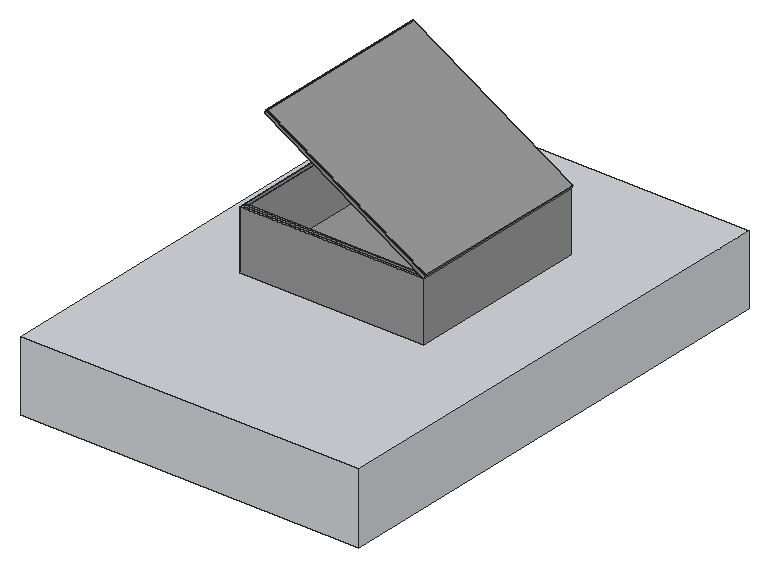
Revit family "Hager-Univers-IP55-D275-H800-Cl.I-Steel_encl-PL-pl", category Equipement électrique, Revit 2020
Family settings
  Hôte = Face
  Configuration du panneau = Deux colonnes, circuits au sein
  Cote de connecteur circulaire = Utiliser le diamètre
  Type d'élément = Tableau de raccordement
  Couper avec des vides une fois chargée = Non
  Partagée = Non
  Point de calcul de pièce = Non
Parameters (values of type "Montaż natynkowy IP55 S800 W800 G275  - FR53E")
  Width Control [instance] = if([EF000008 - Szerokość] > Min Width, [EF000008 - Szerokość], Min Width)  # 800 mm
  Commentaires du type = [HG000003 - Zakres]  # "Univers"
  Thickness Door [instance] = if([EF009171 - Drzwi/pokrywa z materiału o wysokiej wytrzymałości mechanicznej] > 3 mm, 3 mm, [EF009171 - Drzwi/pokrywa z materiału o wysokiej wytrzymałości mechanicznej])  # 1.5 mm
  Seal Frame Offset [instance] = 17 mm  # constant formula
  Plinth Visibility [instance] = [HG000027 - Wysokość cokołu] > 0 mm  # no
  Model = ""
  Min Width [instance] = 100 mm  # constant formula
  Min Height [instance] = 100 mm  # constant formula
  Min Depth [instance] = (2 * [EF009170 - Obudowa z materiału o wysokiej wytrzymałości mechanicznej]) + 1 mm  # 4 mm
  Internal Frame Depth [instance] = (Door System Depth * 0.5)  # 9 mm
  Height Control [instance] = if([EF000040 - Wysokość] > Min Height, [EF000040 - Wysokość], Min Height)  # 800 mm
  HG000027 - Wysokość cokołu = 0 mm
  HG000026 - Stojąca = no
  HG000024 - Wysokość części dolnej = 800 mm
  HG000023 - Obudowa dwusekcyjna = no
  HG000016 - Widoczność drzwi w widoku 3D [instance] = yes
  HG000015 - Przestrzeń robocza - otwarcie drzwi [instance] = no
  HG000014 - Drzwi prawe [instance] = yes
  HG000013 - Drzwi lewe [instance] = not([HG000014 - Drzwi prawe])  # no
  HG000012 - Kąt otwarcia drzwi [instance] = 30.00°
  HG000010 - Drzwi asymetryczne = no
  HG000009 - Drzwi dwuskrzydłowe = no
  HG000006 - Montaż podtynkowy = no
  HG000004 - Referencja producenta = "FR53E"
  HG000003 - Zakres = "Univers"
  HG000002 - Z drzwiami lub pokrywą = yes
  Frame Offset Bottom [instance] = 10 mm  # constant formula
  Frame Offset [instance] = 15 mm  # constant formula
  EF015940 - Pokrywa z wyzwalaczem nadciśnieniowym = no
  EF011959 - Stopień ochrony (NEMA) = ""
  EF009554 - Liczba otworów pod flansze = 6
  Fabricant = "Hager"  # constant formula
  EF009212 - Wykonanie pokrywy = "EV000116 - Zamknięty"
  EF009171 - Drzwi/pokrywa z materiału o wysokiej wytrzymałości mechanicznej = 1.5 mm
  EF009170 - Obudowa z materiału o wysokiej wytrzymałości mechanicznej = 1.5 mm
  EF008873 - Prąd znamionowy (In) = 800 A
  EF007800 - Do ochrony odgromowej = no
  EF006306 - Z zamkiem = no
  EF006244 - Transparentna pokrywa/drzwi = no
  EF005474 - Stopień ochrony (IP) = "EV006420 - IP55"
  EF004464 - Rodzaj drzwi = "EV002646 - Pojedynczy"
  EF004427 - Liczba modułów = 180
  EF004293 - Odporność udarowa = "EV008784 - IK10"
  EF003532 - Do zastosowań zewnętrznych = no
  EF002950 - Szerokość wyrażona liczbą modułów = 24
  EF001613 - Podtrzymanie funkcji = "EV000494 - Brak"
  EF001596 - Materiał obudowy = "EV000179 - Stal"
  EF001131 - Głębokość wewnętrzna = 275 mm
  EF001088 - Możliwość rozbudowy = yes
  EF000437 - Liczba wejść kablowych = 6
  EF000339 - Rodzaj pokrywy = "EV004216 - Drzwi"
  EF000266 - Liczba rzędów = 5
  EF000218 - Głębokość wbudowania = 0 mm
  EF000118 - Z płytą montażową = no
  EF000116 - Numer RAL = "7035"
  EF000049 - Głębokość = 275 mm
  EF000040 - Wysokość = 800 mm
  EF000008 - Szerokość = 800 mm
  EF000007 - Kolor = "EV000270 - Szary"
  EF000003 - Sposób montażu = "EV000384 - Montaż natynkowy"
  Door System Leaf Tolerance [instance] = 1.5 mm  # constant formula
  Door System Depth [instance] = 18 mm  # constant formula
  Door Height [instance] = Height Control - [HG000027 - Wysokość cokołu]  # 800 mm
  Depth Control [instance] = if([EF000049 - Głębokość] > Min Depth, [EF000049 - Głębokość], Min Depth)  # 275 mm
  Default Elevation = 0 mm
  Connector Offset [instance] = Height Control / 2  # 400 mm
  Bottom Top Plate Trim [instance] = 1.5 mm  # constant formula
  Plinth height Ctrl [instance] = if([HG000027 - Wysokość cokołu] > 0 mm, [HG000027 - Wysokość cokołu], 12 mm)  # 12 mm
Types (5, lengths in mm): name | Width Control | HG000010 - Drzwi asymetryczne | HG000009 - Drzwi dwuskrzydłowe | HG000004 - Referencja producenta | EF009554 - Liczba otworów pod flansze | EF004464 - Rodzaj drzwi | EF004427 - Liczba modułów | EF000437 - Liczba wejść kablowych | EF000008 - Szerokość
  Montaż natynkowy IP55 S1050 W800 G275  - FR54E | 1050 | no | yes | "FR54E" | 8 | "EV003602 - Podwójny" | 240 | 8 | 1050
  Montaż natynkowy IP55 S1300 W800 G275  - FR55E | 1300 | yes | yes | "FR55E" | 10 | "EV003602 - Podwójny" | 300 | 10 | 1300
  Montaż natynkowy IP55 S300 W800 G275  - FR51E | 300 | no | no | "FR51E" | 2 | "EV002646 - Pojedynczy" | 60 | 2 | 300
  Montaż natynkowy IP55 S550 W800 G275  - FR52E | 550 | no | no | "FR52E" | 4 | "EV002646 - Pojedynczy" | 120 | 4 | 550
  Montaż natynkowy IP55 S800 W800 G275  - FR53E | 800 | no | no | "FR53E" | 6 | "EV002646 - Pojedynczy" | 180 | 6 | 800
Reference planes
  plane 1 "Center (Front/Back)": y = 0
  plane 2: z = 0
  plane 3 "Center (Left/Right)": x = 0
  plane 4: z = 275
  plane 5: y = 1.5
  plane 6: y = 400
  plane 7: y = 0
  plane 8: y = 800
  plane 9: z = 0
  plane 10: x = -385
  plane 11: x = 385
  plane 12: x = 383.5
  plane 13: x = -383.5
  plane 14: y = 798.5
  plane 15: x = -383
  plane 16: x = -400
  plane 17: x = 383
  plane 18: x = 400
  plane 19: x = 398.5
  plane 20: x = -398.5
  plane 21: y = 11.5
  plane 22: y = 800
  plane 23: y = 783.5
  plane 24: z = 257
  plane 25: z = 1.5
  plane 26: z = 255.5
  plane 27: z = 273.5
Forms (mm)
  Extrusion 1, solid
    sketch origin (0, 0, 0) x (1, 0, 0) y (0, 1, 0)
      loop
        line (-702.964, 1305) -> (-702.964, -811.445) -> (766.763, -811.445) -> (766.763, 1305) -> (-702.964, 1305)
    from 0 to -304.8
  Extrusion 2, solid, material "Hager_Steel_RAL7035_Light_Grey", visible <- "Plinth Visibility", detail levels medium+fine
    sketch origin (0, 0, 0) x (1, 0, 0) y (0, 1, 0)
      loop
        line (-400, 0) -> (400, 0) -> (400, 12) -> (-400, 12) -> (-400, 0)
    from 0 to 257
  Extrusion 3, solid, material "Hager_Steel_RAL7035_Light_Grey", detail levels medium+fine
    sketch origin (0, 0, 0) x (1, 0, 0) y (0, 1, 0)
      loop
        line (-400, 0) -> (400, 0) -> (400, 800) -> (-400, 800) -> (-400, 0)
    from 0 to 257
  Extrusion 4, void
    sketch origin (0, 0, 0) x (1, 0, 0) y (0, 1, 0)
      loop
        line (-398.5, 1.5) -> (398.5, 1.5) -> (398.5, 798.5) -> (-398.5, 798.5) -> (-398.5, 1.5)
    from 1.5 to 255.5
  Extrusion 5, void
    sketch origin (-381.607, -4572, 257) x (0, -1, 0) y (-1, 0, 0)
      loop
        line (-4583.5, 1.893) -> (-5355.5, 1.893) -> (-5355.5, -765.107) -> (-4583.5, -765.107) -> (-4583.5, 1.893)
    from 0 to 1.5 <- "EF009170 - Obudowa z materiału o wysokiej wytrzymałości mechanicznej"
  Extrusion 6, solid, material "Hager_Steel_RAL7035_Light_Grey", detail levels fine
    sketch origin (0, 0, 257) x (1, 0, 0) y (0, 1, 0)
      loop
        line (-383.5, 783.5) -> (-383.5, 11.5) -> (383.5, 11.5) -> (383.5, 783.5) -> (-383.5, 783.5)
      loop
        line (-385, 10) -> (385, 10) -> (385, 785) -> (-385, 785) -> (-385, 10)
    from 0 to 9 <- "Internal Frame Depth"
  Extrusion 7, solid, material "Hager_Steel_RAL7035_Light_Grey", detail levels coarse
    sketch origin (0, 0, 0) x (1, 0, 0) y (0, 1, 0)
      loop
        line (-400, 0) -> (400, 0) -> (400, 800) -> (-400, 800) -> (-400, 0)
    from 0 to 275
  Sweep 8, void
    path in 3D
      loop
        line (-400, 12, 0) -> (400, 12, 0) -> (400, 12, 257) -> (-400, 12, 257) -> (-400, 12, 0)
    profile origin (-400, 12, 128.5) x (-1, 0, 0) y (0, -1, 0)
      loop
        line (0, 0) -> (0, 1.5) -> (-1.5, 1.5)
        arc (-1.5, 1.5) -> (-1.061, 0.439) -> (0, 0) r 1.5
Cuts and joins
  Extrusion 4, Extrusion 5 cuts Extrusion 3
  Sweep 8 cuts Extrusion 2
Lines and regions (mm)
  Masking region 1
    outline origin (0, 0, 0) x (1, 0, 0) y (0, 0, 1)
      loop
        line (-400, 275) -> (-400, 0) -> (400, 0) -> (400, 275) -> (-400, 275)
  Masking region 2, detail levels medium+fine
    outline origin (0, 140, 0) x (0, 1, 0) y (0, 0, 1)
      loop
        line (-140, 0) -> (660, 0) -> (660, 257) -> (-140, 257) -> (-140, 0)
  Masking region 3, not visible, detail levels medium+fine
    outline origin (0, 297.922, 0) x (0, 1, 0) y (0, 0, 1)
      loop
        line (113.578, 0) -> (153.578, 0) -> (153.578, 263.5)
        arc (153.578, 263.5) -> (150.649, 270.571) -> (143.578, 273.5) r 10
        line (143.578, 273.5) -> (113.578, 273.5) -> (113.578, 0)
  Masking region 4, detail levels coarse
    outline origin (0, 0, 180) x (0, 1, 0) y (0, 0, 1)
      loop
        line (0, -180) -> (800, -180) -> (800, 95) -> (0, 95) -> (0, -180)
  Masking region 5, visible <- "Plinth Visibility", detail levels medium+fine
    outline origin (0, 52.24, 12.345) x (0, 0, -1) y (0, 1, 0)
      loop
        line (10.845, -40.24) -> (-243.155, -40.24)
        arc (-243.155, -40.24) -> (-243.594, -41.301) -> (-244.655, -41.74) r 1.5
        line (-244.655, -41.74) -> (-244.655, -52.24) -> (12.345, -52.24) -> (12.345, -41.74)
        arc (12.345, -41.74) -> (11.285, -41.301) -> (10.845, -40.24) r 1.5
  Masking region 6, detail levels medium+fine
    outline origin (-381.607, -4572, 257) x (-1, 0, 0) y (0, -1, 0)
      loop
        line (18.393, -5372) -> (18.393, -4572) -> (-781.607, -4572) -> (-781.607, -5372) -> (18.393, -5372)
  Masking region 7, visible <- "Plinth Visibility", detail levels medium+fine
    outline origin (-381.607, -4727, 257) x (-1, 0, 0) y (0, -1, 0)
      loop
        arc (16.893, -4739) -> (17.332, -4737.939) -> (18.393, -4737.5) r 1.5
        line (18.393, -4737.5) -> (18.393, -4727) -> (-781.607, -4727) -> (-781.607, -4737.5)
        arc (-781.607, -4737.5) -> (-780.546, -4737.939) -> (-780.107, -4739) r 1.5
        line (-780.107, -4739) -> (16.893, -4739)
  Masking region 8, detail levels coarse
    outline origin (-442.548, -4669.526, 257) x (-1, 0, 0) y (0, -1, 0)
      loop
        line (-42.548, -5469.526) -> (-42.548, -4669.526) -> (-842.548, -4669.526) -> (-842.548, -5469.526) -> (-42.548, -5469.526)
  sketch lines
    curve 1: line (-400, 12, 257) -> (-400, 12, 0)
    curve 2: line (400, 12, 257) -> (-400, 12, 257)
    curve 3: line (400, 12, 257) -> (400, 12, 0)
    curve 4: line (-400, 12, 0) -> (400, 12, 0)
Dimensions and locks
  "Depth Control": plane 4 to Extrusion 1
  "HG000027 - Wysokość cokołu": plane 1 "Center (Front/Back)" to plane 7
  "EF009170 - Obudowa z materiału o wysokiej wytrzymałości mechanicznej": plane 5 to plane 7
  locked: connector elem to plane 3 "Center (Left/Right)"
  equal spacing: plane 8, plane 6, plane 7
  locked: connector elem to plane 6
  "EF009170 - Obudowa z materiału o wysokiej wytrzymałości mechanicznej": plane 8 to plane 14
  "EF009170 - Obudowa z materiału o wysokiej wytrzymałości mechanicznej": plane 10 to plane 13
  "EF009170 - Obudowa z materiału o wysokiej wytrzymałości mechanicznej": plane 12 to plane 11
  "Frame Offset": plane 20 to plane 13
  "Frame Offset": plane 12 to plane 19
  "EF009170 - Obudowa z materiału o wysokiej wytrzymałości mechanicznej": plane 16 to plane 20
  "EF009170 - Obudowa z materiału o wysokiej wytrzymałości mechanicznej": plane 19 to plane 18
  "Seal Frame Offset": plane 16 to plane 15
  "Seal Frame Offset": plane 17 to plane 18
  "Frame Offset Bottom": plane 21 to plane 5
  "Frame Offset": plane 14 to plane 23
  equal spacing: plane 16, plane 3 "Center (Left/Right)", plane 18
  "Width Control": plane 16 to plane 18
  "EF009170 - Obudowa z materiału o wysokiej wytrzymałości mechanicznej": plane 4 to plane 27
  "EF009170 - Obudowa z materiału o wysokiej wytrzymałości mechanicznej": plane 24 to plane 26
  "EF009170 - Obudowa z materiału o wysokiej wytrzymałości mechanicznej": plane 25 to level
  "Door System Depth": plane 4 to plane 24
  "Height Control": plane 1 "Center (Front/Back)" to Extrusion 7 sketch curve
  "Height Control": Masking region 4 sketch curve to plane 1 "Center (Front/Back)"
  "Height Control": plane 1 "Center (Front/Back)" to plane 22
  "Bottom Top Plate Trim": profile plane to Sweep 8 sketch curve
  "Bottom Top Plate Trim": Sweep 8 sketch curve to profile plane
  "Plinth height Ctrl": plane 1 "Center (Front/Back)" to Extrusion 2 sketch curve
  "Plinth height Ctrl": Masking region 5 sketch curve to plane 1 "Center (Front/Back)"
  "Plinth height Ctrl": plane 1 "Center (Front/Back)" to Masking region 7 sketch curve
  "Thickness Door": Extrusion 6 sketch curve to Extrusion 6 sketch curve  (x3)
  "Thickness Door": cut or joined group of Extrusion 3, Extrusion 4, Extrusion 5 to Extrusion 6 sketch curve
  radius of Masking region 3 sketch curve = 10 mm
  "Bottom Top Plate Trim": radius of Masking region 5 sketch curve  (x2)
  "Bottom Top Plate Trim": radius of Sweep 8 sketch curve
  "Bottom Top Plate Trim": radius of Masking region 7 sketch curve  (x2)
  aligned and locked: plane 2 to Extrusion 1
  aligned and locked: level to Extrusion 1
  aligned and locked: level to Masking region 1 sketch curve
  aligned and locked: Masking region 1 sketch curve to plane 18
  aligned and locked: Masking region 1 sketch curve to plane 16
  aligned and locked: plane 7 to Masking region 2 sketch curve
  aligned and locked: level to Masking region 3 sketch curve
  aligned and locked: Masking region 3 sketch curve to plane 27
  aligned and locked: level to Masking region 2 sketch curve
  aligned and locked: plane 1 "Center (Front/Back)" to Extrusion 2 sketch curve
  aligned and locked: Extrusion 3 sketch curve to plane 7
  aligned and locked: plane 16 to Extrusion 3 sketch curve
  aligned and locked: plane 18 to Extrusion 3 sketch curve
  aligned and locked: plane 20 to Extrusion 4 sketch curve
  aligned and locked: plane 19 to Extrusion 4 sketch curve
  aligned and locked: Extrusion 4 sketch curve to plane 5
  aligned and locked: Extrusion 4 to plane 25
  aligned and locked: plane 26 to Extrusion 4
  aligned and locked: plane 24 to Extrusion 3
  aligned and locked: Extrusion 5 sketch curve to plane 21
  aligned and locked: Extrusion 5 sketch curve to plane 13
  aligned and locked: Extrusion 5 sketch curve to plane 12
  aligned and locked: plane 18 to Extrusion 7 sketch curve
  aligned and locked: plane 1 "Center (Front/Back)" to Extrusion 7 sketch curve
  aligned and locked: plane 16 to Extrusion 7 sketch curve
  aligned and locked: plane 4 to Extrusion 7
  aligned and locked: Extrusion 7 to level
  aligned and locked: level to Masking region 4 sketch curve
  aligned and locked: Masking region 4 sketch curve to plane 1 "Center (Front/Back)"
  aligned and locked: Masking region 4 sketch curve to plane 4
  aligned and locked: nested 1 to level
  aligned and locked: nested 1 to plane 16
  aligned and locked: plane 8 to Extrusion 3 sketch curve
  aligned and locked: plane 23 to Extrusion 5 sketch curve
  aligned and locked: plane 14 to Extrusion 4 sketch curve
  aligned and locked: Masking region 2 sketch curve to plane 8
  aligned and locked: level to Masking region 5 sketch curve
  aligned and locked: plane 16 to Extrusion 2 sketch curve
  aligned and locked: plane 18 to Extrusion 2 sketch curve
  aligned and locked: Masking region 5 sketch curve to plane 24
  aligned and locked: Masking region 2 sketch curve to plane 24
  aligned and locked: plane 24 to Extrusion 2
  aligned and locked: profile plane to Sweep 8 sketch curve  (x2)
  aligned and locked: Masking region 6 sketch curve to plane 18
  aligned and locked: Masking region 6 sketch curve to plane 22
  aligned and locked: Masking region 6 sketch curve to plane 16
  aligned and locked: plane 8 to plane 22
  aligned and locked: Masking region 6 sketch curve to plane 7
  aligned and locked: Masking region 7 sketch curve to plane 16
  aligned and locked: Masking region 7 sketch curve to plane 1 "Center (Front/Back)"
  aligned and locked: Masking region 7 sketch curve to plane 18
  aligned and locked: Masking region 8 sketch curve to plane 1 "Center (Front/Back)"
  aligned and locked: Masking region 8 sketch curve to plane 18
  aligned and locked: Masking region 8 sketch curve to plane 22
  aligned and locked: Masking region 8 sketch curve to plane 16
  aligned and locked: nested 2 to plane 7
  aligned and locked: plane 3 "Center (Left/Right)" to nested 2
  aligned and locked: nested 2 to plane 24
  aligned and locked: Extrusion 6 sketch curve to cut or joined group of Extrusion 3, Extrusion 4, Extrusion 5  (x4)
Automatic sketch dimensions
  Extrusion 1 sketch curve to Extrusion 1 sketch curve = 1469.727 mm
  Extrusion 1 sketch curve to Extrusion 1 sketch curve = 2116.445 mm
  Masking region 1 sketch curve to plane 4 = 0 mm
  plane 6 to Masking region 3 sketch curve = 11.5 mm
  Masking region 3 sketch curve to Masking region 3 sketch curve = 30 mm
  Masking region 5 sketch curve to plane 1 "Center (Front/Back)" = 0 mm
Nested families
  nested 1: "Hager_Enclosure_Symbol" at (-400, 0, 0) x (1, 0, 0) z (0, -1, 0), Height <- "Depth Control", Width <- "Width Control", type "Hager_Enclosure_Symbol"
    with Width_Ctrl 800 mm, Width 800 mm, Height_Ctrl 275 mm, Height 275 mm, A_Width_Int 18.047 mm, A_Width 216.562 mm, A_Height_Ctrl 240.625 mm, A_Height 240.625 mm
  nested 2: "EC000058_Univers_Door" at (0, 0, 257) x (1, 0, 0) z (0, 1, 0), Leaf_Tolerance <- "Door System Leaf Tolerance", Angle <- "HG000012 - Kąt otwarcia drzwi", Door_Depth <- "Door System Depth", Door_Left <- "HG000013 - Drzwi lewe", Transparent <- "EF006244 - Transparentna pokrywa/drzwi", Assymetrical <- "HG000010 - Drzwi asymetryczne", Width <- "Width Control", Clearance <- "HG000015 - Przestrzeń robocza - otwarcie drzwi", Double <- "HG000009 - Drzwi dwuskrzydłowe", 3d_Door <- "HG000016 - Widoczność drzwi w widoku 3D", Lock_Visibility <- "EF006306 - Z zamkiem", Width_Ctrl <- "Width Control", Door_Right <- "HG000014 - Drzwi prawe", Door <- "HG000002 - Z drzwiami lub pokrywą", Height <- "Door Height", Thickness <- "Thickness Door", type "EC000058_Univers_Door", detail levels medium+fine
    with min_wh 4 mm, Width_Ctrl 800 mm, Width 800 mm, Transparent no, Thickness 1.5 mm, Seal_Material Hager_Rubber, Lock_Visibility no, Lock_Material Hager_Plastic_RAL9005_Jet_Black, Leaf_Width 800 mm, Leaf_Tolerance_External_Sides 0 mm, Leaf_Tolerance 1.5 mm, Leaf_Offset 0 mm, Leaf_Height 797 mm, Leaf_2_Width 800 mm, Leaf_2_Offset 400 mm, Leaf_1_Width 800 mm, Leaf_1_Offset 400 mm, Height_Ctrl 800 mm, Height 800 mm, Glass_Material Hager_Glass, Double_Clearance_Ctrl no, Double no, Door_Right_Ctrl yes, Door_Right yes, Door_Material Hager_Steel_RAL7035_Light_Grey, Door_Left_Ctrl no, Door_Left no, Door_Depth 18 mm, Door yes, Clearance_Material Hager_Clearance, Clearance_Depth 800 mm, Clearance_Ctrl no, Clearance no, Assymetrical no, Angle 30.00°, 3d_Door yes
Connectors
  electrical at (0, 400, 0)
    settings: on plane 9, index 1, voltage 0 V, apparent load 0 VA, apparent load phase1 0 VA, apparent load phase2 0 VA, apparent load phase3 0 VA, power factor 1, load classification "Other", number of poles 1, system type 30, power factor state 1, is connector primary yes, connector utility no, sub classification motor no, connector description ""
Definition of nested family "EC000058_Univers_Door"
  Parameters (values of type "EC000058_Univers_Door")
    min_wh [instance] = (2 * Thickness) + 1 mm  # 11 mm
    Width_Ctrl [instance] = 400 mm
    Width [instance] = 500 mm
    Transparent [instance] = yes
    Thickness [instance] = 5 mm
    Seal_Material [instance] = none
    Lock_Visibility [instance] = yes
    Lock_Material [instance] = none
    Leaf_Width [instance] = if((Width_Ctrl - 2 * Leaf_Tolerance_External_Sides) > 0 mm, (Width_Ctrl - 2 * Leaf_Tolerance_External_Sides), min_wh)  # 400 mm
    Leaf_Tolerance_External_Sides [instance] = 0 mm  # constant formula
    Leaf_Tolerance [instance] = 1.5 mm
    Leaf_Offset [instance] = 0 mm  # constant formula
    Leaf_Height [instance] = if((Height_Ctrl - 2 * Leaf_Tolerance) > 0 mm, (Height_Ctrl - 2 * Leaf_Tolerance), min_wh)  # 497 mm
    Leaf_2_Width [instance] = if(and(and(Double, Assymetrical), Door_Left), (Leaf_Width / 3) - (Leaf_Tolerance / 2), if(and(and(Double, Assymetrical), Door_Right), (Leaf_Width / 3) * 2 - (Leaf_Tolerance / 2), if(and(Double, not(Assymetrical)), (Leaf_Width / 2) - Leaf_Tolerance, Leaf_Width)))  # 400 mm
    Leaf_2_Offset [instance] = if(and(Double, Assymetrical), Leaf_2_Width / 2, if(and(Double, not(Assymetrical)), Leaf_Width / 4, Leaf_Width / 2))  # 200 mm
    Leaf_1_Width [instance] = if(and(and(Double, Assymetrical), Door_Right), (Leaf_Width / 3) - (Leaf_Tolerance / 2), if(and(and(Double, Assymetrical), Door_Left), (Width / 3) * 2 - (Leaf_Tolerance / 2), if(and(Double, not(Assymetrical)), (Leaf_Width / 2) - Leaf_Tolerance, Leaf_Width)))  # 400 mm
    Leaf_1_Offset [instance] = if(and(Double, Assymetrical), Leaf_1_Width / 2, if(and(Double, not(Assymetrical)), Leaf_Width / 4, Leaf_Width / 2))  # 200 mm
    Height_Ctrl [instance] = if(Height > min_wh, Height, min_wh)  # 500 mm
    Height [instance] = 500 mm
    Glass_Material [instance] = none
    Double_Clearance_Ctrl [instance] = and(Double, Clearance)  # no
    Double [instance] = no
    Door_Right_Ctrl [instance] = and(or(Door_Right, Double), Door)  # yes
    Door_Right [instance] = yes
    Door_Material [instance] = none
    Door_Left_Ctrl [instance] = and(or(Door_Left, Double), Door)  # no
    Door_Left [instance] = no
    Door_Depth [instance] = 30 mm
    Door [instance] = yes
    Default Elevation = 1219.2 mm
    Clearance_Material [instance] = none
    Clearance_Depth [instance] = if(Leaf_1_Width > Leaf_2_Width, Leaf_1_Width, Leaf_2_Width)  # 400 mm
    Clearance_Ctrl [instance] = and(not(Double), Clearance)  # yes
    Clearance [instance] = yes
    Assymetrical [instance] = yes
    Angle [instance] = 30.00°
    3d_Door [instance] = yes
  Reference planes
    plane 1 "Center (Front/Back)": y = 0
    plane 2 "Bottom": z = 0
    plane 3 "Center (Left/Right)": x = 0
    plane 4: z = 500
    plane 5: x = -200
    plane 6: x = 200
    plane 7: z = 500
    plane 8: x = -200
    plane 9: z = 0
    plane 10: x = 200
    plane 11: y = 0
    plane 12: z = 1.5
    plane 13: x = -600
    plane 14: y = -400
    plane 15: x = 600
    plane 16: x = 0
    plane 17: x = 0
    plane 18: x = -200
    plane 19: x = 200
    plane 20: z = 498.5
  Forms (mm)
    Extrusion 1, solid, material <- "Clearance_Material", visible <- "Double_Clearance_Ctrl"
      sketch origin (1200, 0, 0) x (1, 0, 0) y (0, 0, -1)
        loop
          line (-1800, -498.5) -> (-600, -498.5) -> (-600, 0) -> (-1800, 0) -> (-1800, -498.5)
      from 0 to -400
  Dimensions and locks
    equal spacing: plane 5, plane 3 "Center (Left/Right)", plane 6
    "Width_Ctrl": plane 5 to plane 6
    "Leaf_Offset": plane 5 to plane 8
    "Leaf_Offset": plane 6 to plane 10
    "Leaf_Offset": plane 9 to level
    "Leaf_Offset": plane 4 to plane 7
    "Height_Ctrl": plane 4 to level
    "Leaf_Tolerance": plane 12 to plane 9
    locked: plane 11 to plane 1 "Center (Front/Back)"
    "Leaf_1_Offset": plane 18 to plane 16
    "Leaf_2_Offset": plane 17 to plane 19
    "Leaf_1_Width": plane 13 to plane 8
    "Leaf_2_Width": plane 10 to plane 15
    "Clearance_Depth": plane 14 to plane 1 "Center (Front/Back)"
    "Leaf_Tolerance_External_Sides": plane 8 to plane 18
    "Leaf_Tolerance_External_Sides": plane 19 to plane 10
    "Leaf_Tolerance": plane 7 to plane 20
    aligned and locked: level to plane 2 "Bottom"
    aligned and locked: nested 1 to plane 16
    aligned and locked: nested 2 to plane 17
    aligned and locked: Extrusion 1 to plane 13
    aligned and locked: plane 15 to Extrusion 1
    aligned and locked: Extrusion 1 to plane 14
    aligned and locked: plane 12 to nested 1
    aligned and locked: nested 2 to plane 12
    aligned and locked: Extrusion 1 to plane 11
    aligned and locked: plane 20 to Extrusion 1
    aligned and locked: nested 2 to plane 11
    aligned and locked: nested 1 to plane 11
  Automatic sketch dimensions
    Extrusion 1 sketch curve to level = 0 mm
    plane 5 to Extrusion 1 sketch curve = 400 mm
    plane 6 to Extrusion 1 sketch curve = 400 mm
    Extrusion 1 sketch curve to plane 4 = 1.5 mm
  Nested families
    nested 1: "EC000058_Univers_Door_Leaf" at (0, 0, 1.5), Width <- "Leaf_1_Width", visible <- "Door_Left_Ctrl", Leaf_Height <- "Leaf_Height", Angle <- "Angle", 3d_Door <- "3d_Door", Transparent <- "Transparent", Clearance Material <- "Clearance_Material", Clearance <- "Clearance_Ctrl", Door_Material <- "Door_Material", Glass_Material <- "Glass_Material", Door_Depth <- "Door_Depth", Lock_Material <- "Lock_Material", Seal_Material <- "Seal_Material", Lock_Visibility <- "Lock_Visibility", Thickness <- "Thickness", type "EC000058_Univers_Door_Leaf"
      with Width 400 mm, Transparent_Glass_Offset 30 mm, Transparent_Ctrl yes, Transparent yes, Thickness 5 mm, Standard no, Seal_Material none, Seal_D2 8 mm, Seal_D1 1 mm, Offset_Internal_Frame 10 mm, Lock_Width 20 mm, Lock_Visibility_3d yes, Lock_Visibility yes, Lock_Thickness_3 3 mm, Lock_Thickness_2 1 mm, Lock_Thickness_1 3 mm, Lock_Radius_Offset_2 16 mm, Lock_Radius_Offset_1 15 mm, Lock_Radius_2 5 mm, Lock_Radius 6 mm, Lock_Offset 5 mm, Lock_Material none, Lock_Height 80 mm, Lock_Cover_Top_Offset_2d 17 mm, Lock_Cover_Height -65 mm, Leaf_Height 497 mm, Internal_Seal_Thickness 8 mm, Internal_Seal_Depth_2 4.5 mm, Internal_Frame_Depth 25 mm, Glass_Thickness -1 mm, Glass_Offset -2 mm, Glass_Material none, Door_Material none, Door_Depth 30 mm, Clearance Material none, Clearance yes, Angle_Ctrl 30.00°, Angle 30.00°, 3d_Door yes
    nested 2: "EC000058_Univers_Door_Leaf" at (0, 0, 1.5) x (-1, 0, 0) z (0, 0, 1), Width <- "Leaf_2_Width", visible <- "Door_Right_Ctrl", Leaf_Height <- "Leaf_Height", Angle <- "Angle", 3d_Door <- "3d_Door", Transparent <- "Transparent", Clearance Material <- "Clearance_Material", Clearance <- "Clearance_Ctrl", Door_Material <- "Door_Material", Glass_Material <- "Glass_Material", Door_Depth <- "Door_Depth", Lock_Material <- "Lock_Material", Seal_Material <- "Seal_Material", Lock_Visibility <- "Lock_Visibility", Thickness <- "Thickness", type "EC000058_Univers_Door_Leaf"
      with Width 400 mm, Transparent_Glass_Offset 30 mm, Transparent_Ctrl yes, Transparent yes, Thickness 5 mm, Standard no, Seal_Material none, Seal_D2 8 mm, Seal_D1 1 mm, Offset_Internal_Frame 10 mm, Lock_Width 20 mm, Lock_Visibility_3d yes, Lock_Visibility yes, Lock_Thickness_3 3 mm, Lock_Thickness_2 1 mm, Lock_Thickness_1 3 mm, Lock_Radius_Offset_2 16 mm, Lock_Radius_Offset_1 15 mm, Lock_Radius_2 5 mm, Lock_Radius 6 mm, Lock_Offset 5 mm, Lock_Material none, Lock_Height 80 mm, Lock_Cover_Top_Offset_2d 17 mm, Lock_Cover_Height -65 mm, Leaf_Height 497 mm, Internal_Seal_Thickness 8 mm, Internal_Seal_Depth_2 4.5 mm, Internal_Frame_Depth 25 mm, Glass_Thickness -1 mm, Glass_Offset -2 mm, Glass_Material none, Door_Material none, Door_Depth 30 mm, Clearance Material none, Clearance yes, Angle_Ctrl 30.00°, Angle 30.00°, 3d_Door yes
  Definition of nested family "EC000058_Univers_Door_Leaf"
    Parameters (values of type "EC000058_Univers_Door_Leaf")
      Width [instance] = 2000 mm
      Transparent_Glass_Offset [instance] = 30 mm
      Transparent_Ctrl [instance] = and(Transparent, [3d_Door])  # yes
      Transparent [instance] = yes
      Thickness [instance] = 5 mm
      Standard [instance] = and(not(Transparent), [3d_Door])  # no
      Seal_Material [instance] = none
      Seal_D2 [instance] = 8 mm  # constant formula
      Seal_D1 [instance] = 1 mm  # constant formula
      Offset_Internal_Frame [instance] = 10 mm  # constant formula
      Lock_Width [instance] = 20 mm  # constant formula
      Lock_Visibility_3d [instance] = and(Lock_Visibility, [3d_Door])  # yes
      Lock_Visibility [instance] = yes
      Lock_Thickness_3 [instance] = 3 mm  # constant formula
      Lock_Thickness_2 [instance] = 1 mm  # constant formula
      Lock_Thickness_1 [instance] = 3 mm  # constant formula
      Lock_Radius_Offset_2 [instance] = Lock_Radius_Offset_1 + 1 mm  # 16 mm
      Lock_Radius_Offset_1 [instance] = 15 mm  # constant formula
      Lock_Radius_2 [instance] = Lock_Radius - 1 mm  # 5 mm
      Lock_Radius [instance] = 6 mm  # constant formula
      Lock_Offset [instance] = 5 mm  # constant formula
      Lock_Material [instance] = none
      Lock_Height [instance] = 80 mm  # constant formula
      Lock_Cover_Top_Offset_2d [instance] = Lock_Radius_Offset_2 + 1 mm  # 17 mm
      Lock_Cover_Height [instance] = -(Lock_Height - Lock_Radius_Offset_1)  # -65 mm
      Leaf_Height [instance] = 2720.336 mm
      Internal_Seal_Thickness [instance] = 8 mm  # constant formula
      Internal_Seal_Depth_2 [instance] = 4.5 mm  # constant formula
      Internal_Frame_Depth [instance] = if(Door_Depth - Thickness > 5 mm, Door_Depth - Thickness, 5 mm)  # 25 mm
      Glass_Thickness [instance] = if(Thickness > 15 mm, Glass_Offset + 10 mm, -1 mm)  # -1 mm
      Glass_Offset [instance] = if(Thickness > 15 mm, -(Thickness + 10 mm) / 2, -2 mm)  # -2 mm
      Glass_Material [instance] = none
      Door_Material [instance] = none
      Door_Depth [instance] = 30 mm
      Default Elevation = 0 mm
      Clearance Material [instance] = none
      Clearance [instance] = yes
      Angle_Ctrl [instance] = if(Angle > 180.00°, 180.00°, Angle)  # 90.00°
      Angle [instance] = 90.00°
      3d_Door [instance] = yes
    Reference planes
      plane 1 "Center (Front/Back)": y = 0
      plane 2: z = 0
      plane 3 "Center (Left/Right)": x = 0
      plane 4: y = 2000
      plane 5: x = -1000
      plane 6: x = 1000
      plane 7: x = -3000
      plane 8: z = 2720.336
      plane 9: z = 30
      plane 10: z = 2690.336
      plane 11: x = 970
      plane 12: x = -970
      plane 13: y = -3
      plane 14: z = 107.833
      plane 15: y = -5
      plane 16: y = -223.314
      plane 17: x = -1000
      plane 18: z = 1360.168
      plane 19: y = 30
    Forms (mm)
      Extrusion 1, solid, material <- "Clearance Material", visible <- "Clearance"
        sketch origin (0, 0, 0) x (1, 0, 0) y (0, 0, 1)
          loop
            line (-3000, 2720.336) -> (-3000, 0) -> (1000, 0) -> (1000, 2720.336) -> (-3000, 2720.336)
        from 0 to -2000
      Extrusion 2, solid, material <- "Door_Material", visible <- "Standard", detail levels medium+fine
        sketch origin (-1000, 0, 0) x (0, 1, 0) y (-1, 0, 0)
          loop
            line (0, 30) -> (0, 25) -> (2000, 25) -> (2000, 30) -> (0, 30)
        from 0 to 2720.336 <- "Leaf_Height"
      Extrusion 3, solid, material <- "Door_Material", visible <- "Transparent_Ctrl", detail levels medium+fine
        sketch origin (-1000, 0, 0) x (0, 1, 0) y (-1, 0, 0)
          loop
            line (0, 25) -> (2000, 25) -> (2000, 30) -> (0, 30) -> (0, 25)
        from 0 to 2720.336 <- "Leaf_Height"
      Extrusion 4, void
        sketch origin (-1025, 2000, 0) x (0, 1, 0) y (0, 0, -1)
          loop
            line (-30, -2690.336) -> (-30, -30) -> (-1970, -30) -> (-1970, -2690.336) -> (-30, -2690.336)
        from 0 to 5 <- "Thickness"
      Sweep 5, solid, material <- "Seal_Material", visible <- "Transparent_Ctrl", detail levels fine
        path in 3D
          loop
            line (-1025, 30, 30) -> (-1025, 30, 2690.336) -> (-1025, 1970, 2690.336) -> (-1025, 1970, 30) -> (-1025, 30, 30)
        profile origin (-1025, 1000, 30) x (1, 0, 0) y (0, 0, 1)
          loop
            line (0, 0) -> (0, -8) -> (1, -8) -> (1, 0) -> (0, 0)
      Extrusion 6, solid, material <- "Glass_Material", visible <- "Transparent_Ctrl", detail levels medium+fine
        sketch origin (-1030, 0, 0) x (0, 1, 0) y (0, 0, -1)
          loop
            line (1970, -2690.336) -> (1970, -30) -> (30, -30) -> (30, -2690.336) -> (1970, -2690.336)
        from -2 <- "Glass_Offset" to -1 <- "Glass_Thickness"
      Extrusion 7, solid, material <- "Door_Material", visible <- "3d_Door", detail levels medium+fine
        sketch origin (-1025, 2000, 0) x (0, -1, 0) y (0, 0, -1)
          loop
            line (0, -2720.336) -> (2000, -2720.336) -> (2000, 0) -> (0, 0) -> (0, -2720.336)
          loop
            line (1995, -5) -> (5, -5) -> (5, -2715.336) -> (1995, -2715.336) -> (1995, -5)
        from 0 to 25 <- "Internal_Frame_Depth"
      Sweep 8, solid, material <- "Seal_Material", visible <- "Transparent_Ctrl", detail levels fine
        path in 3D
          loop
            line (-1025, 0, 0) -> (-1025, 2000, 0) -> (-1025, 2000, 2720.336) -> (-1025, 0, 2720.336) -> (-1025, 0, 0)
        profile origin (-1025, 0, 1360.168) x (1, 0, 0) y (0, 1, 0)
          loop
            line (0, 10) -> (2.975, 10)
            arc (2.975, 10) -> (4.053, 10.447) -> (4.5, 11.525) r 1.525
            line (4.5, 11.525) -> (4.5, 16.527)
            arc (4.5, 16.527) -> (4.069, 17.569) -> (3.027, 18) r 1.473
            line (3.027, 18) -> (0, 18) -> (0, 10)
      Extrusion 9, solid, material <- "Lock_Material", visible <- "Lock_Visibility_3d", detail levels fine
        sketch origin (-1030, 0, 0) x (0, 1, 0) y (0, 0, -1)
          loop
            arc (1993.5, -1400.168) -> (1994.561, -1399.729) -> (1995, -1398.668) r 1.5
            line (1995, -1398.668) -> (1995, -1320.168) -> (1975, -1320.168) -> (1975, -1398.668)
            arc (1975, -1398.668) -> (1975.439, -1399.729) -> (1976.5, -1400.168) r 1.5
            line (1976.5, -1400.168) -> (1993.5, -1400.168)
        from 3 <- "Lock_Thickness_1" to 0
      Blend 10, solid, material <- "Lock_Material", visible <- "Lock_Visibility_3d", detail levels fine
        base sketch origin (-1033, 0, 0) x (0, 1, 0) y (0, 0, -1)
          loop
            line (1975, -1320.168) -> (1975, -1398.668)
            arc (1975, -1398.668) -> (1975.439, -1399.729) -> (1976.5, -1400.168) r 1.5
            line (1976.5, -1400.168) -> (1993.5, -1400.168)
            arc (1993.5, -1400.168) -> (1994.561, -1399.729) -> (1995, -1398.668) r 1.5
            line (1995, -1398.668) -> (1995, -1320.168) -> (1975, -1320.168)
        top sketch origin (-1033, 0, 0) x (0, 1, 0) y (0, 0, -1)
          loop
            line (1976, -1320.168) -> (1976, -1398.668)
            arc (1976, -1398.668) -> (1976.146, -1399.022) -> (1976.5, -1399.168) r 0.5
            line (1976.5, -1399.168) -> (1993.5, -1399.168)
            arc (1993.5, -1399.168) -> (1993.854, -1399.022) -> (1994, -1398.668) r 0.5
            line (1994, -1398.668) -> (1994, -1320.168) -> (1976, -1320.168)
        from 0 to 1 <- "Lock_Thickness_2"
      Blend 11, solid, material <- "Lock_Material", visible <- "Lock_Visibility_3d", detail levels fine
        base sketch origin (-1034, 0, 0) x (0, 1, 0) y (0, 0, -1)
          loop
            line (1978, -1320.168) -> (1978, -1384.168)
            arc (1978, -1384.168) -> (1985, -1391.168) -> (1992, -1384.168) r 7
            line (1992, -1384.168) -> (1992, -1320.168) -> (1978, -1320.168)
        top sketch origin (-1034, 0, 0) x (0, 1, 0) y (0, 0, -1)
          loop
            line (1991, -1320.168) -> (1979, -1320.168) -> (1979, -1383.168)
            arc (1979, -1383.168) -> (1985, -1389.168) -> (1991, -1383.168) r 6
            line (1991, -1383.168) -> (1991, -1320.168)
        from 0 to 3 <- "Lock_Thickness_3"
      Extrusion 12, solid, material <- "Lock_Material", visible <- "Lock_Visibility_3d", detail levels fine
        sketch origin (-1030, 1975, 1320.168) x (1, 0, 0) y (0, -1, 0)
          loop
            line (-7, -19) -> (-7, -1) -> (0, -1) -> (0, 0) -> (-8, 0) -> (-8, -20) -> (0, -20) -> (0, -19) -> (-7, -19)
        from 0 to -65 <- "Lock_Cover_Height"
      Extrusion 13, void
        sketch origin (-1038, 1995, 1320.168) x (-1, 0, 0) y (0, 0, -1)
          loop
            line (-5, -65) -> (0, -65) -> (-5, -60) -> (-5, -65)
        from 0 to 20 <- "Lock_Width"
      Extrusion 14, void
        sketch origin (-1038, 1975, 1320.168) x (0, -1, 0) y (0, 0, -1)
          loop
            circle (-10, -15.995) r 6
          loop
            circle (-10, -15.995) r 5
        from 0 to 2
      Extrusion 15, solid, material <- "Lock_Material", visible <- "Lock_Visibility_3d", detail levels medium
        sketch origin (-1030, 0, 0) x (0, 1, 0) y (0, 0, -1)
          loop
            arc (1993.5, -1400.168) -> (1994.561, -1399.729) -> (1995, -1398.668) r 1.5
            line (1995, -1398.668) -> (1995, -1320.168) -> (1975, -1320.168) -> (1975, -1398.668)
            arc (1975, -1398.668) -> (1975.439, -1399.729) -> (1976.5, -1400.168) r 1.5
            line (1976.5, -1400.168) -> (1993.5, -1400.168)
        from 8 to 0
    Cuts and joins
      Extrusion 4 cuts Extrusion 3
      Extrusion 13, Extrusion 14 cuts Extrusion 9
      Extrusion 14 cuts Blend 11
      Extrusion 13, Extrusion 14 cuts Extrusion 12
      joined: Extrusion 9, Blend 10, Blend 11, Extrusion 12
      Extrusion 14 cuts Extrusion 15
    Lines and regions (mm)
      Masking region 1, visible <- "Lock_Visibility", detail levels fine
        outline origin (0, 0, 0) x (0, 1, 0) y (0, 0, 1)
          loop
            line (30, 1320.168) -> (33, 1320.168) -> (33, 1400.168) -> (30, 1400.168) -> (30, 1320.168)
      Masking region 2, visible <- "Lock_Visibility", detail levels fine
        outline origin (0, 3.143, 0) x (0, 1, 0) y (0, 0, 1)
          loop
            line (29.857, 1354.168) -> (30.857, 1354.168) -> (30.857, 1366.168) -> (29.857, 1366.168) -> (29.857, 1354.168)
      Masking region 3, detail levels medium+fine
        outline origin (0, 0, 0) x (0, 1, 0) y (0, 0, 1)
          loop
            line (0, 0) -> (30, 0) -> (30, 2720.336) -> (0, 2720.336) -> (0, 0)
      Masking region 4, detail levels medium+fine
        outline origin (0, 0, 0) x (1, 0, 0) y (0, 0, 1)
          loop
            line (-1000, 2720.336) -> (-1000, 0) -> (1000, 0) -> (1000, 2720.336) -> (-1000, 2720.336)
      Masking region 5, visible <- "Lock_Visibility", detail levels fine
        outline origin (-47.116, 0, 0) x (1, 0, 0) y (0, 0, 1)
          loop
            arc (1024.616, 1399.168) -> (1023.556, 1398.729) -> (1023.116, 1397.668) r 1.5
            line (1023.116, 1397.668) -> (1023.116, 1320.168) -> (1041.116, 1320.168) -> (1041.116, 1397.668)
            arc (1041.116, 1397.668) -> (1040.677, 1398.729) -> (1039.616, 1399.168) r 1.5
            line (1039.616, 1399.168) -> (1024.616, 1399.168)
      Masking region 6, visible <- "Lock_Visibility", detail levels medium+fine
        outline origin (-25, 0, 0) x (1, 0, 0) y (0, 0, 1)
          loop
            arc (1001.5, 1400.168) -> (1000.439, 1399.729) -> (1000, 1398.668) r 1.5
            line (1000, 1398.668) -> (1000, 1320.168) -> (1020, 1320.168) -> (1020, 1398.668)
            arc (1020, 1398.668) -> (1019.561, 1399.729) -> (1018.5, 1400.168) r 1.5
            line (1018.5, 1400.168) -> (1001.5, 1400.168)
      Masking region 7, visible <- "Lock_Visibility", detail levels fine
        outline origin (-73.735, 0, 0) x (1, 0, 0) y (0, 0, 1)
          loop
            line (1051.735, 1382.168) -> (1065.735, 1382.168) -> (1065.735, 1384.168)
            arc (1065.735, 1384.168) -> (1058.735, 1391.168) -> (1051.735, 1384.168) r 7
            line (1051.735, 1384.168) -> (1051.735, 1382.168)
      Masking region 8, visible <- "Lock_Visibility", detail levels fine
        outline origin (-73.735, 0, 0) x (1, 0, 0) y (0, 0, 1)
          loop
            line (1052.735, 1382.168) -> (1064.735, 1382.168) -> (1064.735, 1383.168)
            arc (1064.735, 1383.168) -> (1058.735, 1389.168) -> (1052.735, 1383.168) r 6
            line (1052.735, 1383.168) -> (1052.735, 1382.168)
      Masking region 9, visible <- "Lock_Visibility", detail levels fine
        outline origin (-25, 0, 0) x (1, 0, 0) y (0, 0, 1)
          loop
            line (1020, 1320.168) -> (1020, 1382.168) -> (1000, 1382.168) -> (1000, 1320.168) -> (1020, 1320.168)
      Masking region 10, detail levels medium+fine
        outline origin (0, 0, 0) x (1, 0, 0) y (0, 0, 1)
          loop
            circle (985, 1335.144) r 6
      Masking region 11, detail levels fine
        outline origin (0, 0, 0) x (1, 0, 0) y (0, 0, 1)
          loop
            circle (985, 1335.144) r 5
      Masking region 12, visible <- "Lock_Visibility", detail levels fine
        outline origin (0, 12.767, 0) x (0, 1, 0) y (0, 0, 1)
          loop
            line (20.233, 1320.168) -> (21.233, 1320.168) -> (21.233, 1399.168) -> (20.233, 1400.168) -> (20.233, 1320.168)
      Masking region 13, visible <- "Lock_Visibility", detail levels fine
        outline origin (0, 13.767, -10) x (0, 1, 0) y (0, 0, 1)
          loop
            line (20.233, 1330.168) -> (23.233, 1330.168) -> (23.233, 1399.168) -> (20.233, 1402.168) -> (20.233, 1330.168)
      Masking region 14, visible <- "Lock_Visibility", detail levels fine
        outline origin (0, 12.767, -10) x (0, 1, 0) y (0, 0, 1)
          loop
            line (20.233, 1330.168) -> (25.233, 1330.168) -> (25.233, 1399.305) -> (20.233, 1394.305) -> (20.233, 1330.168)
      Masking region 15, visible <- "Lock_Visibility", detail levels medium
        outline origin (0, 0, 0) x (0, 1, 0) y (0, 0, 1)
          loop
            line (30, 1320.168) -> (38, 1320.168) -> (38, 1400.168) -> (30, 1400.168) -> (30, 1320.168)
      Masking region 16, visible <- "Lock_Visibility", detail levels fine
        outline origin (-1000, 0, 0) x (0, 1, 0) y (-1, 0, 0)
          loop
            line (1975, 30) -> (1995, 30) -> (1995, 38) -> (1975, 38) -> (1975, 30)
          loop
            line (1979, 37) -> (1976, 37) -> (1976, 34) -> (1978, 34) -> (1979, 37)
          loop
            line (1994, 37) -> (1991, 37) -> (1992, 34) -> (1994, 34) -> (1994, 37)
      Masking region 17, visible <- "Lock_Visibility", detail levels medium
        outline origin (-1000, 0, 0) x (0, 1, 0) y (-1, 0, 0)
          loop
            line (1975, 30) -> (1995, 30) -> (1995, 38) -> (1975, 38) -> (1975, 30)
      symbolic lines
        curve 1: line (1000, 0, 0) -> (-3000, 0, 0)
        curve 2: arc (1000, 0, 0) -> (-1000, 2000, 0) -> (-3000, 0, 0) r 2000
        curve 4: line (-1030, 0, 0) -> (-1030, 2000, 0)
      reference lines
        curve 3: line (-1000, 0, 0) -> (-1000, 2000, 0)
      symbolic lines, detail levels medium+fine
        curve 5: line (-1030, 2000, 0) -> (-1025, 2000, 0)
        curve 7: line (-1025, 0, 0) -> (-1030, 0, 0)
        curve 8: line (-1025, 0, 0) -> (-1000, 0, 0)
        curve 9: line (-1000, 0, 0) -> (-1000, 2000, 0)
        curve 10: line (-1000, 2000, 0) -> (-1025, 2000, 0)
      symbolic lines, detail levels fine
        curve 6: line (-1025, 2000, 0) -> (-1025, 0, 0)
      sketch lines
        curve 11: line (-1025, 0, 2720.336) -> (-1025, 0, 0)
        curve 12: line (-1025, 2000, 0) -> (-1025, 0, 0)
        curve 13: line (-1025, 2000, 2720.336) -> (-1025, 2000, 0)
        curve 14: line (-1025, 0, 2720.336) -> (-1025, 2000, 2720.336)
        curve 15: line (-1025, 1970, 30) -> (-1025, 30, 30)
        curve 16: line (-1025, 30, 30) -> (-1025, 30, 2690.336)
        curve 17: line (-1025, 1970, 2690.336) -> (-1025, 1970, 30)
        curve 18: line (-1025, 30, 2690.336) -> (-1025, 1970, 2690.336)
      symbolic lines, visible <- "Transparent", detail levels medium+fine
        curve 19: line (-970, 0, 2690.336) -> (970, 0, 2690.336)
        curve 20: line (-970, 0, 30) -> (-970, 0, 2690.336)
        curve 21: line (970, 0, 30) -> (-970, 0, 30)
        curve 22: line (970, 0, 2690.336) -> (970, 0, 30)
    Dimensions and locks
      "Width": plane 1 "Center (Front/Back)" to plane 4
      equal spacing: plane 5, plane 3 "Center (Left/Right)", plane 6
      "Width": plane 5 to plane 6
      "Width": plane 7 to plane 5
      "Leaf_Height": plane 8 to level
      "Width": curve 5 to curve 3
      "Width": curve 3 to curve 3
      plane 8 to plane 10 = 30 mm
      plane 9 to level = 30 mm
      plane 12 to plane 5 = 30 mm
      plane 6 to plane 11 = 30 mm
      Extrusion 1 to Extrusion 4 sketch curve = 30 mm
      "Transparent_Glass_Offset": curve 3 to Extrusion 4 sketch curve
      "Transparent_Glass_Offset": Extrusion 4 sketch curve to cut or joined group of Extrusion 3, Extrusion 4  (x2)
      cut or joined group of Extrusion 3, Extrusion 4 to Extrusion 6 sketch curve = 30 mm
      "Transparent_Glass_Offset": cut or joined group of Extrusion 3, Extrusion 4 to Extrusion 4 sketch curve
      "Thickness": curve 6 to curve 4
      "Thickness": Extrusion 7 sketch curve to Extrusion 7 sketch curve  (x4)
      "Door_Depth": curve 4 to curve 3
      "Offset_Internal_Frame": profile plane to Sweep 8 sketch curve
      "Internal_Seal_Thickness": Sweep 8 sketch curve to Sweep 8 sketch curve
      "Internal_Seal_Depth_2": profile plane to Sweep 8 sketch curve
      "Seal_D1": profile plane to Sweep 5 sketch curve
      "Seal_D2": profile plane to Sweep 5 sketch curve
      "Thickness": Extrusion 2 sketch curve to Extrusion 2 sketch curve
      equal spacing: Extrusion 9 sketch curve, plane 18, Extrusion 9 sketch curve  (x2)
      equal spacing: Masking region 1 sketch curve, plane 18, Masking region 1 sketch curve
      "Lock_Height": Masking region 1 sketch curve to Masking region 1 sketch curve
      "Lock_Radius": Masking region 2 sketch curve to plane 18 to Masking region 2 sketch curve
      Masking region 2 sketch curve to Masking region 1 = 1 mm
      "Door_Depth": plane 19 to plane 1 "Center (Front/Back)"
      "Lock_Thickness_1": Masking region 1 sketch curve to plane 19
      "Lock_Width": Extrusion 9 sketch curve to Extrusion 9 sketch curve
      "Lock_Height": Extrusion 9 sketch curve to Extrusion 9 sketch curve
      "Lock_Offset": cut or joined group of Extrusion 3, Extrusion 4 to Extrusion 9 sketch curve
      equal spacing: plane 8, plane 18, level
      "Lock_Radius_Offset_1": Blend 11 sketch curve to Blend 10
      locked: Blend 10 to Blend 11 sketch curve at 2  (x2)
      locked: var sketch to Blend 11 sketch curve at 1  (x2)
      "Lock_Radius_Offset_2": Blend 11 sketch curve to Blend 10
      locked: Extrusion 12 sketch curve to Extrusion 12 sketch curve at 1  (x3)
      Masking region 6 sketch curve to Masking region 6 sketch curve = 80 mm
      "Lock_Height": Masking region 6 sketch curve to Masking region 6 sketch curve
      "Lock_Width": Masking region 6 sketch curve to Masking region 6 sketch curve
      locked: Masking region 6 to Masking region 5 sketch curve at 1  (x3)
      locked: Masking region 5 to Masking region 7 sketch curve at 2  (x2)
      "Lock_Radius_Offset_1": Masking region 5 to Masking region 7 sketch curve
      "Lock_Radius_Offset_2": Masking region 5 to Masking region 8 sketch curve
      locked: Masking region 7 to Masking region 8 sketch curve at 1  (x2)
      "Lock_Cover_Top_Offset_2d": Masking region 5 to Masking region 9 sketch curve
      equal spacing: Masking region 9, Masking region 10 sketch curve, Masking region 9
      equal spacing: Masking region 9, Masking region 11 sketch curve, Masking region 9
      Extrusion 15 sketch curve to Extrusion 15 sketch curve = 80 mm
      "Lock_Width": Extrusion 15 sketch curve to Extrusion 15 sketch curve
      "Lock_Height": Extrusion 15 sketch curve to Extrusion 15 sketch curve
      equal spacing: Extrusion 15 sketch curve, plane 18, Extrusion 15 sketch curve
      "Lock_Thickness_3": Masking region 13 sketch curve to Masking region 13 sketch curve
      "Lock_Height": Masking region 12 sketch curve to Masking region 12 sketch curve
      locked: Masking region 13 sketch curve to Masking region 1 at 8
      locked: Masking region 14 sketch curve to Masking region 13 at 1
      locked: Masking region 14 sketch curve to Masking region 1 at 10.863
      "Lock_Height": Masking region 15 sketch curve to Masking region 15 sketch curve
      "Lock_Offset": Extrusion 15 sketch curve to cut or joined group of Extrusion 3, Extrusion 4
      "Lock_Offset": plane 6 to Masking region 6 sketch curve
      radius of Sweep 8 sketch curve = 1.525 mm
      radius of Sweep 8 sketch curve = 1.473 mm
      radius of Extrusion 9 sketch curve = 1.5 mm  (x2)
      "Lock_Radius": radius of Extrusion 14 sketch curve
      "Lock_Radius_2": radius of Extrusion 14 sketch curve
      "Lock_Radius": radius of Masking region 10 sketch curve
      "Lock_Radius_2": radius of Masking region 11 sketch curve
      radius of Extrusion 15 sketch curve = 1.5 mm  (x2)
      "Angle_Ctrl": angle plane 1 "Center (Front/Back)" to curve 3
      locked: Masking region 12 sketch curve to Masking region 12 sketch curve (angle 45.00°)
      locked: Masking region 13 sketch curve to Masking region 13 sketch curve (angle 45.00°)
      locked: Masking region 14 sketch curve to Masking region 14 sketch curve (angle 45.00°)
      aligned and locked: level to plane 2
      aligned and locked: Extrusion 1 to curve 1
      aligned and locked: plane 6 to Extrusion 1
      aligned and locked: Extrusion 1 to plane 1 "Center (Front/Back)"
      aligned and locked: plane 4 to Extrusion 1
      aligned and locked: plane 8 to Extrusion 1
      aligned and locked: curve 7 to Extrusion 2 sketch curve
      aligned and locked: curve 5 to Extrusion 2 sketch curve
      aligned and locked: curve 7 to Extrusion 3 sketch curve
      aligned and locked: Extrusion 3 sketch curve to curve 4
      aligned and locked: Extrusion 3 sketch curve to curve 6
      aligned and locked: Extrusion 3 sketch curve to curve 5
      aligned and locked: curve 9 to curve 3
      aligned and locked: Extrusion 7 sketch curve to cut or joined group of Extrusion 3, Extrusion 4  (x4)
      aligned and locked: plane 17 to curve 3
      aligned and locked: plane 1 "Center (Front/Back)" to curve 3
      aligned and locked: plane 17 to plane 5
      aligned and locked: Sweep 8 sketch curve to profile plane
      aligned and locked: Sweep 5 sketch curve to profile plane  (x2)
      aligned and locked: Masking region 1 to Masking region 2 sketch curve
      aligned and locked: plane 19 to Masking region 1 sketch curve
      aligned and locked: plane 1 "Center (Front/Back)" to Masking region 3 sketch curve
      aligned and locked: plane 19 to Masking region 3 sketch curve
      aligned and locked: level to Masking region 3 sketch curve
      aligned and locked: Masking region 3 sketch curve to plane 8
      aligned and locked: plane 17 to Masking region 4 sketch curve
      aligned and locked: level to Masking region 4 sketch curve
      aligned and locked: Masking region 4 sketch curve to plane 8
      aligned and locked: plane 12 to curve 20
      aligned and locked: plane 10 to curve 19
      aligned and locked: plane 11 to curve 22
      aligned and locked: curve 21 to plane 9
      aligned and locked: Extrusion 2 sketch curve to cut or joined group of Extrusion 3, Extrusion 4
      aligned and locked: Blend 10 sketch curve to Extrusion 9  (x4)
      aligned and locked: Extrusion 9 to Blend 10 sketch curve
      aligned and locked: Blend 10 to Blend 11 sketch curve
      aligned and locked: Extrusion 12 sketch curve to Blend 11
      aligned and locked: Extrusion 12 sketch curve to Extrusion 9  (x4)
      aligned and locked: Masking region 5 sketch curve to Masking region 6
      aligned and locked: Masking region 9 sketch curve to Masking region 6  (x3)
      aligned and locked: Masking region 12 sketch curve to Masking region 1
      aligned and locked: Masking region 13 sketch curve to Masking region 1
      aligned and locked: Masking region 12 to Masking region 14
      aligned and locked: Masking region 14 sketch curve to Masking region 1
      aligned and locked: Masking region 15 sketch curve to Masking region 14
      aligned and locked: Masking region 13 sketch curve to Masking region 12
      aligned and locked: Masking region 16 sketch curve to cut or joined group of Extrusion 14, Extrusion 15  (x4)
      aligned and locked: Masking region 16 sketch curve to cut or joined group of Extrusion 9, Blend 10, Blend 11, Extrusion 12, Extrusion 13, Extrusion 14  (x6)
      aligned and locked: cut or joined group of Extrusion 9, Blend 10, Blend 11, Extrusion 12, Extrusion 13, Extrusion 14 to Masking region 16 sketch curve
      aligned and locked: Masking region 17 sketch curve to cut or joined group of Extrusion 14, Extrusion 15  (x3)
      aligned and locked: Masking region 17 sketch curve to cut or joined group of Extrusion 9, Blend 10, Blend 11, Extrusion 12, Extrusion 13, Extrusion 14
      aligned and locked: Masking region 9 to Masking region 8 sketch curve
      aligned and locked: Masking region 9 to Masking region 7 sketch curve
    Automatic sketch dimensions
      plane 1 "Center (Front/Back)" to curve 2 = 0 mm
      curve 2 to plane 5 = 0 mm
      Extrusion 1 sketch curve to level = 0 mm
      Extrusion 1 sketch curve to plane 7 = 0 mm
      Extrusion 1 sketch curve to plane 6 = 0 mm
      Extrusion 1 sketch curve to plane 8 = 0 mm
      Extrusion 3 to Extrusion 6 sketch curve = 30 mm  (x4)
      Masking region 4 sketch curve to plane 6 = 0 mm
      Blend 10 sketch curve to Extrusion 9 = 1.5 mm
      Blend 10 sketch curve to Extrusion 9 = 1 mm
      Extrusion 13 sketch curve to Extrusion 12 = 0 mm  (x2)
      Extrusion 12 to Extrusion 13 sketch curve = 3 mm
      Extrusion 13 sketch curve to Extrusion 12 = 5 mm
      Extrusion 14 sketch curve to Extrusion 14 sketch curve = 0 mm  (x2)
      Extrusion 14 sketch curve to Extrusion 12 = 10 mm
      Extrusion 14 sketch curve to Extrusion 12 = 15.995 mm
      Masking region 5 sketch curve to Masking region 5 sketch curve = 1.5 mm  (x2)
      Masking region 10 sketch curve to plane 18 = 25.024 mm
      Masking region 11 sketch curve to plane 18 = 25.024 mm
      plane 19 to Masking region 14 sketch curve = 3 mm
      Masking region 16 sketch curve to Masking region 16 sketch curve = 3 mm
      curve 4 to curve 3 = 0 mm
      Blend 10 to Blend 11 sketch curve = 0 mm
      Masking region 6 sketch curve to Masking region 6 sketch curve = 1.5 mm  (x2)
      Masking region 6 sketch curve to plane 18 = 40 mm
      plane 19 to Masking region 12 sketch curve = 3 mm
      Masking region 12 sketch curve to Masking region 12 sketch curve = 1 mm
      Masking region 15 sketch curve to plane 19 = 0 mm
      Masking region 15 sketch curve to plane 18 = 40 mm
      radius of Blend 10 sketch curve to Extrusion 9 = 1 mm
Definition of nested family "Hager_Enclosure_Symbol"
  Parameters (values of type "Hager_Enclosure_Symbol")
    Width_Ctrl [instance] = if(Width > 1 mm, Width, 1 mm)  # 102.27 mm
    Width [instance] = 102.27 mm
    Height_Ctrl [instance] = if(Height > 1 mm, Height, 1 mm)  # 66.5 mm
    A_Width_Int [instance] = if(A_Width / 12 > 2 mm, A_Width / 12, 2 mm)  # 4.364 mm
    A_Width [instance] = if(A_Height_Ctrl * 0.9 > 2 mm, A_Height_Ctrl * 0.9, 2 mm)  # 52.369 mm
    A_Height_Ctrl [instance] = if(A_Height > 2 mm, A_Height, 2 mm)  # 58.188 mm
    Height [instance] = 66.5 mm
    A_Height [instance] = Height - (Height / 8)  # 58.188 mm
  Reference planes
    plane 1 "Centre (avant/arrière)": y = 0
    plane 2: z = 0
    plane 3 "Centre (gauche/droite)": x = 0
    plane 4: x = 52.369
    plane 5: y = 33.042
    plane 6: y = 41.77
    plane 7: y = 66.5
    plane 8: x = 26.184
    plane 9: y = 37.406
    plane 10: x = 102.27
    plane 11: y = 66.5
    plane 12: y = 8.313
  Lines and regions (mm)
    Filled region 1, type "Solid_Black", in view "Niveau de réf."
      outline origin (0, 0, 0) x (1, 0, 0) y (0, 1, 0)
        loop
          line (52.369, 66.5) -> (33.188, 54.536) -> (45.365, 45.006) -> (52.369, 66.5)
    Filled region 2, type "Solid_Black", in view "Niveau de réf."
      outline origin (0, 0, 0) x (1, 0, 0) y (0, 1, 0)
        loop
          line (0, 0) -> (102.27, 0) -> (102.27, 66.5) -> (0, 0)
    detail lines, in view "Niveau de réf."
      curve 1: line (0, 8.313, 0) -> (26.184, 41.77, 0)
      curve 2: line (26.184, 41.77, 0) -> (26.184, 33.042, 0)
      curve 3: line (26.184, 33.042, 0) -> (52.369, 66.5, 0)
  Dimensions and locks
    "A_Width": plane 3 "Centre (gauche/droite)" to plane 4
    equal spacing: plane 3 "Centre (gauche/droite)", plane 8, plane 4
    equal spacing: plane 6, plane 9, plane 5
    equal spacing: curve 3, Filled region 1 sketch curve, Filled region 1 sketch curve
    "Height_Ctrl": plane 1 "Centre (avant/arrière)" to plane 11
    "A_Height_Ctrl": plane 11 to plane 12
    equal spacing: plane 11, plane 9, plane 12
    "A_Width_Int": plane 6 to plane 9
    "Width_Ctrl": plane 3 "Centre (gauche/droite)" to plane 10
    angle Filled region 1 sketch curve to curve 3 = 20.00°
    angle curve 3 to Filled region 1 sketch curve = 20.00°
    locked: curve 3 to Filled region 1 sketch curve (angle 90.00°)
    aligned and locked: plane 10 to Filled region 2
    aligned and locked: plane 11 to Filled region 2 sketch curve
    aligned and locked: plane 10 to Filled region 2 sketch curve
    aligned and locked: plane 3 "Centre (gauche/droite)" to curve 1
    aligned and locked: plane 12 to curve 1
    aligned and locked: plane 7 to plane 11
  Automatic sketch dimensions
    Filled region 1 sketch curve to plane 4 = 0 mm
    Filled region 1 sketch curve to plane 7 = 0 mm
    plane 1 "Centre (avant/arrière)" to Filled region 2 sketch curve = 0 mm
    Filled region 2 sketch curve to plane 3 "Centre (gauche/droite)" = 0 mm
    curve 2 to plane 6 = 0 mm
    curve 2 to plane 8 = 0 mm
    curve 3 to plane 4 = 0 mm
    curve 2 to plane 5 = 0 mm
    curve 3 to plane 7 = 0 mm
